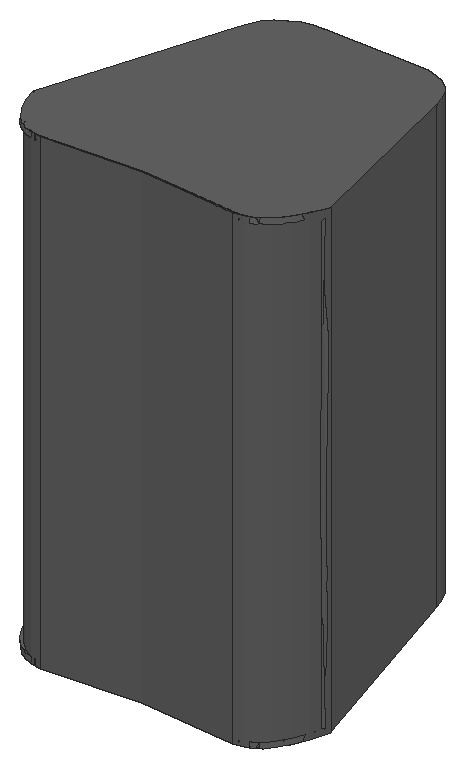
Revit family "AD-S4T", category Communication Devices, Revit 2014
Parameters
  Width = 161 mm
  Weight Dimensional (lb) = 32.1
  Weight Dimensional (kg) = 14.5
  URL = "TBA"
  Sensitivity = 87
  SPL Max = 110
  Rotation Axis Distance = 2491.3 mm
  Regulatory Compliance = "RoHS"
  Product Page URL = "TBA"
  Product Documentation Link = "TBA"
  Weight Product (kg) = 11
  Weight Product (lb) = 24.1
  Power Handling = 50
  Model = "AD-S8T"
  Mid Depth = 244.9 mm
  Manufacturer URL = "www.qscaudio.com"
  Manufacturer = "QSC Audio Products, LLC"
  Impedance = 8
  Height [instance] = 257.893 mm
  Grille Finish = Black Grille
  Enclosure Finish = Black Finish
  Description = "8\" 2-Way Surface Mount Loudspeaker"
  Depth [instance] = 162.615 mm
  Coverage Vertical = 120.00°
  Coverage Horizontal = 120.00°
  70V Taps = "30, 15, 7.5, 3.75"
  100V Taps = "30, 15, 7.5"
Reference planes
  plane 1 "Center (Front/Back) (Grille Extent)": y = 0
  plane 2: z = 0
  plane 3 "Center (Left/Right)": x = 0
  plane 4 "Rotation Axis Plane": y = 2491.3
  plane 5: x = -80.5
  plane 6: x = 80.5
  plane 7: x = 70.573
  plane 8: x = -70.557
  plane 9: y = 31.542
  plane 10: x = -98.242
  plane 11: x = 98.258
  plane 12: y = 204.892
  plane 13: x = -80.557
  plane 14: x = 80.573
  plane 15: y = 1.542
  plane 16 "Back Plane": y = 162.615
  plane 17: y = 159.456
  plane 18: y = 28.679
  plane 19: x = -123.524
  plane 20: x = 123.541
  plane 21: x = 70.573
  plane 22: x = -70.557
  plane 23: y = 33.042
  plane 24: x = -98.242
  plane 25: x = 98.258
  plane 26: y = 203.642
  plane 27: x = -77.907
  plane 28: x = 77.923
  plane 29: y = -23.458
  plane 30: y = 217.442
  plane 31: y = 27.429
  plane 32: x = -123.524
  plane 33: x = 123.541
  plane 34: z = 90
  plane 35: z = 50
  plane 36: x = -39.992
  plane 37: x = 40.008
  plane 38 "Top Plane": z = 128.947
  plane 39: z = -128.947
Forms (mm)
  Revolve 1, solid, material "Black Finish"
    sketch origin (0.008, -26.808, 0) x (1, 0, 0) y (0, 1, 0)
      loop
        arc (-25.565, 186.265) -> (-44.024, 180.096) -> (-53.887, 163.318) r 27.74
        line (-53.887, 163.318) -> (-80.565, 58.35)
        spline (-80.565, 58.35) -> (-79.028, 53.621) -> (-77.389, 49.284) -> (-75.648, 45.339) -> (-73.803, 41.786) -> (-71.856, 38.625) -> (-69.806, 35.856) -> (-67.654, 33.479) -> (-65.398, 31.494) -> (-63.04, 29.901) -> (-60.58, 28.7) -> (-58.016, 27.891) -> (-55.35, 27.474)
        spline (-55.35, 27.474) -> (-46.125, 28.512) -> (-36.9, 29.361) -> (-27.675, 30.022) -> (-18.45, 30.494) -> (-9.225, 30.777) -> (0, 30.872) -> (9.225, 30.777) -> (18.45, 30.494) -> (27.675, 30.022) -> (36.9, 29.361) -> (46.125, 28.512) -> (55.35, 27.474)
        spline (55.35, 27.474) -> (58.016, 27.891) -> (60.58, 28.7) -> (63.04, 29.901) -> (65.398, 31.494) -> (67.654, 33.479) -> (69.806, 35.856) -> (71.856, 38.625) -> (73.803, 41.786) -> (75.648, 45.339) -> (77.389, 49.284) -> (79.028, 53.621) -> (80.565, 58.35)
        line (80.565, 58.35) -> (53.887, 163.318)
        arc (53.887, 163.318) -> (44.024, 180.096) -> (25.565, 186.265) r 27.74
        line (25.565, 186.265) -> (-25.565, 186.265)
      axis (-80.565, 2491.3) -> (80.565, 2491.3)
    angle from -3 to 3
  Revolve 2, void
    sketch origin (0.008, -26.808, 0) x (1, 0, 0) y (0, 1, 0)
      loop
        line (-92.224, 55.488) -> (-92.224, 14.308) -> (92.776, 14.308) -> (92.776, 55.488) -> (-92.224, 55.488)
      axis (-92.224, 2518.108) -> (92.776, 2518.108)
    angle from -2.9 to 2.9
  Revolve 3, solid, material "Black Grille"
    sketch origin (0.008, -28.058, 0) x (1, 0, 0) y (0, 1, 0)
      loop
        spline (-51.552, 27.911) -> (-42.856, 28.89) -> (-34.16, 29.691) -> (-25.464, 30.314) -> (-16.767, 30.758) -> (-8.071, 31.025) -> (0.625, 31.114) -> (9.321, 31.025) -> (18.017, 30.758) -> (26.714, 30.314) -> (35.41, 29.691) -> (44.106, 28.89) -> (52.802, 27.911)
        spline (52.802, 27.911) -> (55.631, 28.204) -> (58.373, 28.914) -> (61.029, 30.043) -> (63.598, 31.59) -> (66.08, 33.555) -> (68.476, 35.939) -> (70.785, 38.74) -> (73.008, 41.96) -> (75.144, 45.598) -> (77.193, 49.654) -> (79.156, 54.128) -> (81.033, 59.02)
        line (81.033, 59.02) -> (-79.783, 59.02)
        spline (-79.783, 59.02) -> (-77.906, 54.128) -> (-75.943, 49.654) -> (-73.894, 45.598) -> (-71.758, 41.96) -> (-69.535, 38.74) -> (-67.226, 35.939) -> (-64.83, 33.555) -> (-62.348, 31.59) -> (-59.779, 30.043) -> (-57.123, 28.914) -> (-54.381, 28.204) -> (-51.552, 27.911)
      axis (-79.783, 2491.3) -> (81.033, 2491.3)
    angle from -3 to 3
  Extrusion 4, void
    sketch origin (0.008, 162.615, -55) x (-1, 0, 0) y (0, 0, -1)
      loop
        line (-40, -145) -> (40, -145) -> (40, -105) -> (-40, -105) -> (-40, -145)
    from 0 to 10
Cuts and joins
  Revolve 2, Extrusion 4 cuts Revolve 1
Lines and regions (mm)
  model lines, detail levels fine
    curve 1: line (3.716, 15.458, 128.383) -> (-0.248, 20.66, 127.927)
    curve 2: line (-0.248, 20.66, 127.927) -> (3.716, 15.458, 128.383)
    curve 3: line (-14.618, 16.108, 128.326) -> (-13.12, 21.474, 127.856)
    curve 4: line (-13.12, 21.474, 127.856) -> (-14.618, 16.108, 128.326)
    curve 5: line (-12.116, 12.554, 128.637) -> (-13.234, 22.485, 127.768)
    curve 6: line (-13.234, 22.485, 127.768) -> (-12.116, 12.554, 128.637)
    curve 7: line (9.023, 19.502, 128.029) -> (12.557, 16.915, 128.255)
    curve 8: line (12.557, 16.915, 128.255) -> (9.023, 19.502, 128.029)
    curve 17: line (-67.461, 89.527, 4.687) -> (-66.328, 94.467, 0.84)
    curve 18: line (-66.328, 94.467, 0.84) -> (-67.461, 89.527, 4.687)
    curve 19: line (-67.319, 90.144, -13.106) -> (-66.151, 95.239, -11.652)
    curve 20: line (-66.151, 95.239, -11.652) -> (-67.319, 90.144, -13.106)
    curve 21: line (-68.093, 86.77, -10.678) -> (-65.931, 96.2, -11.763)
    curve 22: line (-65.931, 96.2, -11.763) -> (-68.093, 86.77, -10.678)
    curve 23: line (-66.58, 93.367, 9.837) -> (-67.143, 90.911, 13.267)
    curve 24: line (-67.143, 90.911, 13.267) -> (-66.58, 93.367, 9.837)
    curve 33: line (67.951, 86.978, -14.195) -> (66.818, 91.917, -10.349)
    curve 34: line (66.818, 91.917, -10.349) -> (67.951, 86.978, -14.195)
    curve 35: line (67.809, 87.595, 3.597) -> (66.641, 92.69, 2.144)
    curve 36: line (66.641, 92.69, 2.144) -> (67.809, 87.595, 3.597)
    curve 37: line (68.583, 84.221, 1.169) -> (66.421, 93.65, 2.254)
    curve 38: line (66.421, 93.65, 2.254) -> (68.583, 84.221, 1.169)
    curve 39: line (67.07, 90.818, -19.346) -> (67.634, 88.362, -22.776)
    curve 40: line (67.634, 88.362, -22.776) -> (67.07, 90.818, -19.346)
    curve 42: line (3.716, 15.458, -127.133) -> (-0.248, 20.66, -126.677)
    curve 43: line (-0.248, 20.66, -126.677) -> (3.716, 15.458, -127.133)
    curve 44: line (-14.618, 16.108, -127.076) -> (-13.12, 21.474, -126.606)
    curve 45: line (-13.12, 21.474, -126.606) -> (-14.618, 16.108, -127.076)
    curve 46: line (-12.116, 12.554, -127.387) -> (-13.234, 22.485, -126.518)
    curve 47: line (-13.234, 22.485, -126.518) -> (-12.116, 12.554, -127.387)
    curve 48: line (9.023, 19.502, -126.779) -> (12.557, 16.915, -127.005)
    curve 49: line (12.557, 16.915, -127.005) -> (9.023, 19.502, -126.779)
  model lines, not visible, detail levels fine
    curve 9: line (-9.316, 28.409, 0.821) -> (-13.279, 33.631, 0.827)
    curve 10: line (-13.279, 33.631, 0.827) -> (-9.316, 28.409, 0.821)
    curve 11: line (-27.649, 29.061, 0.821) -> (-26.152, 34.448, 0.828)
    curve 12: line (-26.152, 34.448, 0.828) -> (-27.649, 29.061, 0.821)
    curve 13: line (-25.148, 25.494, 0.817) -> (-26.266, 35.463, 0.829)
    curve 14: line (-26.266, 35.463, 0.829) -> (-25.148, 25.494, 0.817)
    curve 15: line (-4.009, 32.469, 0.825) -> (-0.474, 29.872, 0.822)
    curve 16: line (-0.474, 29.872, 0.822) -> (-4.009, 32.469, 0.825)
    curve 25: line (19.441, -60.935, 26.087) -> (15.594, -55.867, 26.087)
    curve 26: line (15.594, -55.867, 26.087) -> (19.441, -60.935, 26.087)
    curve 27: line (1.648, -60.302, 26.087) -> (3.102, -55.074, 26.087)
    curve 28: line (3.102, -55.074, 26.087) -> (1.648, -60.302, 26.087)
    curve 29: line (4.076, -63.763, 26.087) -> (2.991, -54.089, 26.087)
    curve 30: line (2.991, -54.089, 26.087) -> (4.076, -63.763, 26.087)
    curve 31: line (24.591, -56.995, 26.087) -> (28.021, -59.515, 26.087)
    curve 32: line (28.021, -59.515, 26.087) -> (24.591, -56.995, 26.087)
  model lines, detail levels medium+fine
    curve 41: circle (0.008, 104.986, -124.169) r 12 normal (0, 0.0883, -0.9961)
    curve 51: circle (0.008, 104.986, 124.169) r 12 normal (0, -0.0883, -0.9961)
  model lines, not visible, detail levels medium+fine
    curve 50: circle (0, 132.273, -219.99) r 12 normal (0, 0, -1)
Dimensions and locks
  "Rotation Axis Distance": plane 4 "Rotation Axis Plane" to plane 1 "Center (Front/Back) (Grille Extent)"
  equal spacing: plane 5, plane 3 "Center (Left/Right)", plane 6
  "Width": plane 5 to plane 6
  plane 8 to plane 3 "Center (Left/Right)" to plane 7 = 70.557 mm, 70.573 mm
  plane 8 to plane 7 = 141.129 mm
  plane 10 to plane 11 = 196.5 mm
  plane 10 to plane 3 "Center (Left/Right)" to plane 11 = 98.242 mm, 98.258 mm
  plane 13 to plane 3 "Center (Left/Right)" to plane 14 = 80.557 mm, 80.573 mm
  plane 13 to plane 14 = 161.129 mm
  plane 15 to plane 1 "Center (Front/Back) (Grille Extent)" = 1.542 mm
  "Depth": plane 16 "Back Plane" to plane 1 "Center (Front/Back) (Grille Extent)"
  plane 17 to plane 1 "Center (Front/Back) (Grille Extent)" = 159.456 mm
  plane 19 to plane 3 "Center (Left/Right)" to plane 20 = 123.524 mm, 123.541 mm
  plane 19 to plane 20 = 247.065 mm
  plane 22 to plane 21 = 141.129 mm  (x2)
  plane 24 to plane 25 = 196.5 mm  (x2)
  plane 27 to plane 28 = 155.829 mm  (x2)
  plane 32 to plane 33 = 247.065 mm
  plane 34 to plane 35 = 40 mm
  plane 36 to plane 3 "Center (Left/Right)" to plane 37 = 39.992 mm, 40.008 mm
  plane 36 to plane 37 = 80 mm
  "Height": plane 38 "Top Plane" to plane 39
  Revolve 1 sketch curve to Revolve 1 sketch curve = 161.129 mm
  plane 3 "Center (Left/Right)" to Revolve 1 sketch curve = 80.573 mm
  Revolve 1 sketch curve to plane 3 "Center (Left/Right)" = 80.557 mm
  aligned and locked: plane 2 to level
  aligned and locked: Revolve 1 to plane 16 "Back Plane"
  aligned and locked: Revolve 2 sketch curve to plane 4 "Rotation Axis Plane"
  aligned and locked: Revolve 2 sketch curve to plane 18
  aligned and locked: plane 34 to Extrusion 4 sketch curve
  aligned and locked: plane 37 to Extrusion 4 sketch curve
  aligned and locked: Extrusion 4 sketch curve to plane 35
  aligned and locked: Extrusion 4 sketch curve to plane 36
Automatic sketch dimensions
  curve 19 to curve 20 = 0 mm  (x2)
  curve 19 to curve 21 = 1.343 mm
  curve 22 to curve 21 = 0 mm  (x3)
  curve 22 to curve 19 = 0.11 mm
  curve 20 to curve 19 = 0 mm
  curve 19 to curve 21 = 2.427 mm
  curve 19 to curve 18 = 12.493 mm
  curve 17 to curve 18 = 0 mm
  curve 17 to curve 17 = 3.846 mm
  curve 18 to curve 17 = 0 mm  (x3)
  curve 17 to curve 24 = 5.151 mm
  curve 23 to curve 24 = 0 mm  (x2)
  curve 23 to curve 24 = 3.43 mm
  curve 21 to curve 22 = 0 mm
  curve 21 to curve 17 = 2.829 mm
  curve 21 to curve 20 = 3.461 mm
  curve 17 to curve 23 = 1.42 mm
  curve 24 to curve 23 = 0 mm  (x2)
  curve 23 to curve 23 = 2.52 mm
  curve 18 to curve 17 = 5.068 mm
  curve 19 to curve 20 = 5.228 mm
  curve 27 to curve 28 = 0 mm  (x2)
  curve 27 to curve 29 = 1.343 mm
  curve 30 to curve 29 = 0 mm  (x3)
  curve 30 to curve 27 = 0.11 mm
  curve 28 to curve 27 = 0 mm
  curve 27 to curve 29 = 2.427 mm
  curve 27 to curve 26 = 12.493 mm
  curve 25 to curve 26 = 0 mm
  curve 25 to curve 25 = 3.846 mm
  curve 26 to curve 25 = 0 mm  (x3)
  curve 25 to curve 32 = 5.151 mm
  curve 31 to curve 32 = 0 mm  (x2)
  curve 31 to curve 32 = 3.43 mm
  curve 29 to curve 30 = 0 mm
  curve 29 to curve 25 = 2.829 mm
  curve 29 to curve 28 = 3.461 mm
  curve 25 to curve 31 = 1.42 mm
  curve 32 to curve 31 = 0 mm  (x2)
  curve 31 to curve 31 = 2.52 mm
  curve 26 to curve 25 = 5.068 mm
  curve 27 to curve 28 = 5.228 mm
  curve 35 to curve 36 = 0 mm  (x2)
  curve 35 to curve 37 = 1.343 mm
  curve 38 to curve 37 = 0 mm  (x3)
  curve 38 to curve 35 = 0.11 mm
  curve 36 to curve 35 = 0 mm
  curve 35 to curve 37 = 2.427 mm
  curve 35 to curve 34 = 12.493 mm
  curve 33 to curve 34 = 0 mm
  curve 33 to curve 33 = 3.846 mm
  curve 34 to curve 33 = 0 mm  (x3)
  curve 33 to curve 40 = 5.151 mm
  curve 39 to curve 40 = 0 mm  (x2)
  curve 39 to curve 40 = 3.43 mm
  curve 37 to curve 38 = 0 mm
  curve 37 to curve 33 = 2.829 mm
  curve 37 to curve 36 = 3.461 mm
  curve 33 to curve 39 = 1.42 mm
  curve 40 to curve 39 = 0 mm  (x2)
  curve 39 to curve 39 = 2.52 mm
  curve 34 to curve 33 = 5.068 mm
  curve 35 to curve 36 = 5.228 mm
  Revolve 1 sketch curve to plane 4 "Rotation Axis Plane" = 26.808 mm
  plane 5 to Revolve 1 sketch curve = 0.008 mm
  Revolve 1 sketch curve to plane 17 = 0 mm
  Revolve 1 sketch curve to plane 6 = 0.008 mm
  Revolve 1 sketch curve to plane 9 = 0 mm  (x2)
  Revolve 1 sketch curve to plane 8 = 16.677 mm
  Revolve 1 sketch curve to plane 15 = 0.876 mm
  Revolve 1 sketch curve to plane 8 = 15.214 mm
  Revolve 1 sketch curve to plane 3 "Center (Left/Right)" = 26.553 mm
  Revolve 1 sketch curve to plane 3 "Center (Left/Right)" = 25.557 mm
  plane 3 "Center (Left/Right)" to Revolve 1 sketch curve = 25.573 mm
  plane 3 "Center (Left/Right)" to Revolve 1 sketch curve = 26.569 mm
  Revolve 1 sketch curve to plane 7 = 15.214 mm
  Revolve 1 sketch curve to plane 7 = 16.677 mm
  Revolve 1 sketch curve to Revolve 1 sketch curve = 27.722 mm  (x2)
  Revolve 3 sketch curve to plane 4 "Rotation Axis Plane" = 28.058 mm
  plane 5 to Revolve 3 sketch curve = 0.008 mm
  Revolve 3 sketch curve to plane 6 = 0.008 mm
  Revolve 3 sketch curve to plane 27 = 1.868 mm
  Revolve 3 sketch curve to plane 22 = 19.012 mm
  Revolve 3 sketch curve to plane 21 = 17.762 mm
  Revolve 3 sketch curve to plane 28 = 3.118 mm
  Revolve 3 sketch curve to plane 23 = 2.08 mm
  plane 29 to Revolve 3 sketch curve = 23.311 mm
  plane 1 "Center (Front/Back) (Grille Extent)" to Revolve 2 sketch curve = 12.5 mm
  Revolve 2 sketch curve to plane 19 = 31.309 mm
  Revolve 2 sketch curve to plane 20 = 30.757 mm
  plane 3 "Center (Left/Right)" to Revolve 2 sketch curve = 0.008 mm
  Revolve 2 sketch curve to plane 6 = 0.008 mm
Connectors
  electrical at (0.008, 152.615, 70)
    settings: on cut or joined group of Revolve 1, Revolve 2, Extrusion 4, index 1, voltage 0 V, apparent load 0 VA, apparent load phase1 0 VA, apparent load phase2 0 VA, apparent load phase3 0 VA, power factor 1, load classification "Other", number of poles 1, system type 14, power factor state 1, is connector primary yes, connector utility no, sub classification motor no, connector description "Speaker input"
  electrical at (0.008, 152.615, 70)
    settings: on cut or joined group of Revolve 1, Revolve 2, Extrusion 4, index 2, voltage 0 V, apparent load 0 VA, apparent load phase1 0 VA, apparent load phase2 0 VA, apparent load phase3 0 VA, power factor 1, load classification "Other", number of poles 1, system type 14, power factor state 1, is connector primary no, connector utility no, sub classification motor no, connector description "Parallel output"
